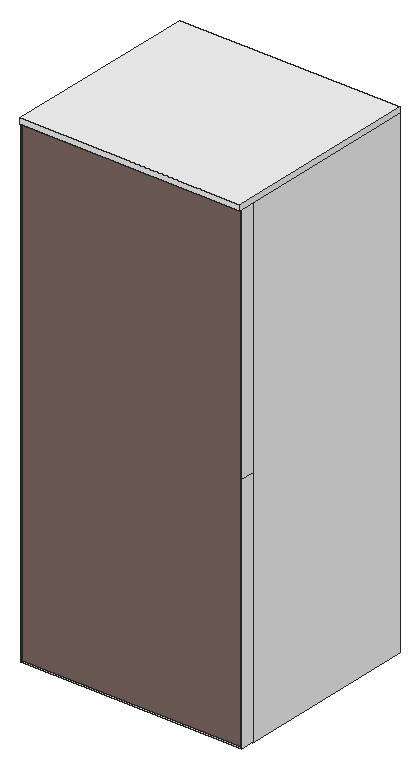
Revit family "bathroom vanity-hansgrohe-54212XXX-Xevolos E Mid-height cabinet Matt White 400_360, door hinge left", category Furniture, Revit 2019
Family settings
  OmniClass Number = 23.40.00.00
  OmniClass Title = Equipment and Furnishings
  Work Plane-Based = No
  Always vertical = Yes
  Cut with Voids When Loaded = No
  Shared = Yes
  Room Calculation Point = No
Parameters (values of type "54212730-MATT_WHITE-DARK_OAK-400")
  etim7_EC011381 = "EC011381"
  WEIGHT = "22.5"
  UNSPSC = "56 | Furniture and Furnishings"
  UNIFORMATII = "E2010 | Fixed Furnishings"
  UNICLASS_2015_CODE = "40_30_78_05"
  UNICLASS2015 = "Pr_40_30_78_05 | Bathroom furniture"
  SURFACE = "DARK_OAK"
  REGION = "Worldwide"
  PRODUCTURL = "https://pro.hansgrohe.com/articledetail--54212320"
  PERMALINK = "54212XXX"
  OMNICLASS = "23-21 19 15 33 13 | Residential Bathroom Specialty Casework"
  OBJECTTYPE = "Object (single object)"
  OBERFLAECHE = "MATT_WHITE"
  NN = "Mid-height cabinet, door hinge"
  NBSYN = "$ARTNR.-$OBERFLAECHE.-$SURFACE.-$LODLEVEL."
  NB = "54212730-MATT_WHITE-DARK_OAK-400"
  NAME = "Xevolos E Mid-height cabinet Matt White 400/360, door hinge left"
  Model = "54212730-MATT_WHITE-DARK_OAK-400"
  Manufacturer = "Hansgrohe"
  MIdent = "{$CADENAS_DATA/23d-libs/hansgrohe/xevolos_furniture/xevolos_mid-height_cabinet_door_hinge/mid-height_cabinet_door_hinge.prj},236 {VTYP=3D},{NB=54212730-MATT_WHITE-DARK_OAK-400},{LINA=54212730-MATT_WHITE-DARK_OAK-400},{NN=Mid-height cabinet, door hinge},{DATE=13.03.2023 11:42:53},{GEOMDATE=12.03.2023 06:48:00},{VERSION=},{LINEID=30},{WBVAR=LODLEVEL},{WBNUMERIC=}  {NB=54212730-MATT_WHITE-DARK_OAK-400},{LINA=54212730-MATT_WHITE-DARK_OAK-400},{KT=DUMMY},{IDNR=3},{ARTNR=54212730},{BASENUMBER=54212},{MODEL=54212XXX},{OBERFLAECHE=MATT_WHITE},{SURFACE=DARK_OAK},{L=400},{LODLEVEL=400},{LODLEVELX='400','400','200','200'},{NAME=Xevolos E Mid-height cabinet Matt White 400/360, door hinge left},{PERMALINK=54212XXX},{OBJECTTYPE=Object (single object)},{BIMOBJECT=Sanitary: Compound units},{COLLECTIONSET=Xevolos E},{COLLECTION=bathroom vanity},{WEIGHT=22.5},{DESCRIPTION=Xevolos E Mid-height cabinet Matt White 400/360, door hinge left},{PRODUCTURL=https://pro.hansgrohe.com/articledetail--54212320},{GTINCODE=0},{TENDERURL=0},{IFC=Furnishing element},{ETIM=EC011381 | Bathroom furniture set},{UNICLASS2015=Pr_40_30_78_05 | Bathroom furniture},{OMNICLASS=23-21 19 15 33 13 | Residential Bathroom Specialty Casework},{MASTERFORMAT=12 35 30.23 | Bathroom Casework},{UNSPSC=56 | Furniture and Furnishings},{UNIFORMATII=E2010 | Fixed Furnishings},{REGION=Worldwide},{DESIGN=Germany},{MANUFACTURER=Germany}"
  MASTERFORMAT = "12 35 30.23 | Bathroom Casework"
  LODLEVEL = "400"
  LINA = "54212730-MATT_WHITE-DARK_OAK-400"
  L = 400
  IFC = "Furnishing element"
  IDNR = 3
  ETIM = "EC011381 | Bathroom furniture set"
  DESIGN = "Germany"
  COLLECTIONSET = "Xevolos E"
  COLLECTION = "bathroom vanity"
  CATALOG = "Hansgrohe"
  BIMOBJECT = "Sanitary: Compound units"
  BASENUMBER = "54212"
  ARTNR = "54212730"
  54212730-MATT_WHITE-DARK_OAK-400_RX0RY0RZ0TX0TY0TZ0_V = yes
  54212730-MATT_WHITE-DARK_OAK-200_RX0RY0RZ0TX0TY0TZ0_V = no
  54212390-MATT_WHITE-PATTEREND_BRONZE-400_RX0RY0RZ0TX0TY0TZ0_V = no
  54212390-MATT_WHITE-PATTEREND_BRONZE-200_RX0RY0RZ0TX0TY0TZ0_V = no
  54212320-MATT_WHITE-METALLIC_WHITE-400_RX0RY0RZ0TX0TY0TZ0_V = no
  54212320-MATT_WHITE-METALLIC_WHITE-200_RX0RY0RZ0TX0TY0TZ0_V = no
Types (6, lengths in mm): name | SURFACE | NB | Model | MIdent | LODLEVEL | LINA | IDNR | ARTNR | 54212730-MATT_WHITE-DARK_OAK-400_RX0RY0RZ0TX0TY0TZ0_V | 54212730-MATT_WHITE-DARK_OAK-200_RX0RY0RZ0TX0TY0TZ0_V | 54212390-MATT_WHITE-PATTEREND_BRONZE-400_RX0RY0RZ0TX0TY0TZ0_V | 54212390-MATT_WHITE-PATTEREND_BRONZE-200_RX0RY0RZ0TX0TY0TZ0_V | 54212320-MATT_WHITE-METALLIC_WHITE-400_RX0RY0RZ0TX0TY0TZ0_V | 54212320-MATT_WHITE-METALLIC_WHITE-200_RX0RY0RZ0TX0TY0TZ0_V
  54212320-MATT_WHITE-METALLIC_WHITE-200 | "METALLIC_WHITE" | "54212320-MATT_WHITE-METALLIC_WHITE-200" | "54212320-MATT_WHITE-METALLIC_WHITE-200" | "{$CADENAS_DATA/23d-libs/hansgrohe/xevolos_furniture/xevolos_mid-height_cabinet_door_hinge/mid-height_cabinet_door_hinge.prj},248 {VTYP=3D},{NB=54212320-MATT_WHITE-METALLIC_WHITE-200},{LINA=54212320-MATT_WHITE-METALLIC_WHITE-200},{NN=Mid-height cabinet, door hinge},{DATE=13.03.2023 11:42:53},{GEOMDATE=12.03.2023 06:48:00},{VERSION=},{LINEID=10},{WBVAR=LODLEVEL},{WBNUMERIC=}  {NB=54212320-MATT_WHITE-METALLIC_WHITE-200},{LINA=54212320-MATT_WHITE-METALLIC_WHITE-200},{KT=DUMMY},{IDNR=1},{ARTNR=54212320},{BASENUMBER=54212},{MODEL=54212XXX},{OBERFLAECHE=MATT_WHITE},{SURFACE=METALLIC_WHITE},{L=400},{LODLEVEL=200},{LODLEVELX='400','400','200','200'},{NAME=Xevolos E Mid-height cabinet Matt White 400/360, door hinge left},{PERMALINK=54212XXX},{OBJECTTYPE=Object (single object)},{BIMOBJECT=Sanitary: Compound units},{COLLECTIONSET=Xevolos E},{COLLECTION=bathroom vanity},{WEIGHT=22.5},{DESCRIPTION=Xevolos E Mid-height cabinet Matt White 400/360, door hinge left},{PRODUCTURL=https://pro.hansgrohe.com/articledetail--54212320},{GTINCODE=0},{TENDERURL=0},{IFC=Furnishing element},{ETIM=EC011381 | Bathroom furniture set},{UNICLASS2015=Pr_40_30_78_05 | Bathroom furniture},{OMNICLASS=23-21 19 15 33 13 | Residential Bathroom Specialty Casework},{MASTERFORMAT=12 35 30.23 | Bathroom Casework},{UNSPSC=56 | Furniture and Furnishings},{UNIFORMATII=E2010 | Fixed Furnishings},{REGION=Worldwide},{DESIGN=Germany},{MANUFACTURER=Germany}" | "200" | "54212320-MATT_WHITE-METALLIC_WHITE-200" | 1 | "54212320" | no | no | no | no | no | yes
  54212320-MATT_WHITE-METALLIC_WHITE-400 | "METALLIC_WHITE" | "54212320-MATT_WHITE-METALLIC_WHITE-400" | "54212320-MATT_WHITE-METALLIC_WHITE-400" | "{$CADENAS_DATA/23d-libs/hansgrohe/xevolos_furniture/xevolos_mid-height_cabinet_door_hinge/mid-height_cabinet_door_hinge.prj},248 {VTYP=3D},{NB=54212320-MATT_WHITE-METALLIC_WHITE-400},{LINA=54212320-MATT_WHITE-METALLIC_WHITE-400},{NN=Mid-height cabinet, door hinge},{DATE=13.03.2023 11:42:53},{GEOMDATE=12.03.2023 06:48:00},{VERSION=},{LINEID=10},{WBVAR=LODLEVEL},{WBNUMERIC=}  {NB=54212320-MATT_WHITE-METALLIC_WHITE-400},{LINA=54212320-MATT_WHITE-METALLIC_WHITE-400},{KT=DUMMY},{IDNR=1},{ARTNR=54212320},{BASENUMBER=54212},{MODEL=54212XXX},{OBERFLAECHE=MATT_WHITE},{SURFACE=METALLIC_WHITE},{L=400},{LODLEVEL=400},{LODLEVELX='400','400','200','200'},{NAME=Xevolos E Mid-height cabinet Matt White 400/360, door hinge left},{PERMALINK=54212XXX},{OBJECTTYPE=Object (single object)},{BIMOBJECT=Sanitary: Compound units},{COLLECTIONSET=Xevolos E},{COLLECTION=bathroom vanity},{WEIGHT=22.5},{DESCRIPTION=Xevolos E Mid-height cabinet Matt White 400/360, door hinge left},{PRODUCTURL=https://pro.hansgrohe.com/articledetail--54212320},{GTINCODE=0},{TENDERURL=0},{IFC=Furnishing element},{ETIM=EC011381 | Bathroom furniture set},{UNICLASS2015=Pr_40_30_78_05 | Bathroom furniture},{OMNICLASS=23-21 19 15 33 13 | Residential Bathroom Specialty Casework},{MASTERFORMAT=12 35 30.23 | Bathroom Casework},{UNSPSC=56 | Furniture and Furnishings},{UNIFORMATII=E2010 | Fixed Furnishings},{REGION=Worldwide},{DESIGN=Germany},{MANUFACTURER=Germany}" | "400" | "54212320-MATT_WHITE-METALLIC_WHITE-400" | 1 | "54212320" | no | no | no | no | yes | no
  54212390-MATT_WHITE-PATTEREND_BRONZE-200 | "PATTEREND_BRONZE" | "54212390-MATT_WHITE-PATTEREND_BRONZE-200" | "54212390-MATT_WHITE-PATTEREND_BRONZE-200" | "{$CADENAS_DATA/23d-libs/hansgrohe/xevolos_furniture/xevolos_mid-height_cabinet_door_hinge/mid-height_cabinet_door_hinge.prj},252 {VTYP=3D},{NB=54212390-MATT_WHITE-PATTEREND_BRONZE-200},{LINA=54212390-MATT_WHITE-PATTEREND_BRONZE-200},{NN=Mid-height cabinet, door hinge},{DATE=13.03.2023 11:42:53},{GEOMDATE=12.03.2023 06:48:00},{VERSION=},{LINEID=20},{WBVAR=LODLEVEL},{WBNUMERIC=}  {NB=54212390-MATT_WHITE-PATTEREND_BRONZE-200},{LINA=54212390-MATT_WHITE-PATTEREND_BRONZE-200},{KT=DUMMY},{IDNR=2},{ARTNR=54212390},{BASENUMBER=54212},{MODEL=54212XXX},{OBERFLAECHE=MATT_WHITE},{SURFACE=PATTEREND_BRONZE},{L=400},{LODLEVEL=200},{LODLEVELX='400','400','200','200'},{NAME=Xevolos E Mid-height cabinet Matt White 400/360, door hinge left},{PERMALINK=54212XXX},{OBJECTTYPE=Object (single object)},{BIMOBJECT=Sanitary: Compound units},{COLLECTIONSET=Xevolos E},{COLLECTION=bathroom vanity},{WEIGHT=22.5},{DESCRIPTION=Xevolos E Mid-height cabinet Matt White 400/360, door hinge left},{PRODUCTURL=https://pro.hansgrohe.com/articledetail--54212320},{GTINCODE=0},{TENDERURL=0},{IFC=Furnishing element},{ETIM=EC011381 | Bathroom furniture set},{UNICLASS2015=Pr_40_30_78_05 | Bathroom furniture},{OMNICLASS=23-21 19 15 33 13 | Residential Bathroom Specialty Casework},{MASTERFORMAT=12 35 30.23 | Bathroom Casework},{UNSPSC=56 | Furniture and Furnishings},{UNIFORMATII=E2010 | Fixed Furnishings},{REGION=Worldwide},{DESIGN=Germany},{MANUFACTURER=Germany}" | "200" | "54212390-MATT_WHITE-PATTEREND_BRONZE-200" | 2 | "54212390" | no | no | no | yes | no | no
  54212390-MATT_WHITE-PATTEREND_BRONZE-400 | "PATTEREND_BRONZE" | "54212390-MATT_WHITE-PATTEREND_BRONZE-400" | "54212390-MATT_WHITE-PATTEREND_BRONZE-400" | "{$CADENAS_DATA/23d-libs/hansgrohe/xevolos_furniture/xevolos_mid-height_cabinet_door_hinge/mid-height_cabinet_door_hinge.prj},252 {VTYP=3D},{NB=54212390-MATT_WHITE-PATTEREND_BRONZE-400},{LINA=54212390-MATT_WHITE-PATTEREND_BRONZE-400},{NN=Mid-height cabinet, door hinge},{DATE=13.03.2023 11:42:53},{GEOMDATE=12.03.2023 06:48:00},{VERSION=},{LINEID=20},{WBVAR=LODLEVEL},{WBNUMERIC=}  {NB=54212390-MATT_WHITE-PATTEREND_BRONZE-400},{LINA=54212390-MATT_WHITE-PATTEREND_BRONZE-400},{KT=DUMMY},{IDNR=2},{ARTNR=54212390},{BASENUMBER=54212},{MODEL=54212XXX},{OBERFLAECHE=MATT_WHITE},{SURFACE=PATTEREND_BRONZE},{L=400},{LODLEVEL=400},{LODLEVELX='400','400','200','200'},{NAME=Xevolos E Mid-height cabinet Matt White 400/360, door hinge left},{PERMALINK=54212XXX},{OBJECTTYPE=Object (single object)},{BIMOBJECT=Sanitary: Compound units},{COLLECTIONSET=Xevolos E},{COLLECTION=bathroom vanity},{WEIGHT=22.5},{DESCRIPTION=Xevolos E Mid-height cabinet Matt White 400/360, door hinge left},{PRODUCTURL=https://pro.hansgrohe.com/articledetail--54212320},{GTINCODE=0},{TENDERURL=0},{IFC=Furnishing element},{ETIM=EC011381 | Bathroom furniture set},{UNICLASS2015=Pr_40_30_78_05 | Bathroom furniture},{OMNICLASS=23-21 19 15 33 13 | Residential Bathroom Specialty Casework},{MASTERFORMAT=12 35 30.23 | Bathroom Casework},{UNSPSC=56 | Furniture and Furnishings},{UNIFORMATII=E2010 | Fixed Furnishings},{REGION=Worldwide},{DESIGN=Germany},{MANUFACTURER=Germany}" | "400" | "54212390-MATT_WHITE-PATTEREND_BRONZE-400" | 2 | "54212390" | no | no | yes | no | no | no
  54212730-MATT_WHITE-DARK_OAK-200 | "DARK_OAK" | "54212730-MATT_WHITE-DARK_OAK-200" | "54212730-MATT_WHITE-DARK_OAK-200" | "{$CADENAS_DATA/23d-libs/hansgrohe/xevolos_furniture/xevolos_mid-height_cabinet_door_hinge/mid-height_cabinet_door_hinge.prj},236 {VTYP=3D},{NB=54212730-MATT_WHITE-DARK_OAK-200},{LINA=54212730-MATT_WHITE-DARK_OAK-200},{NN=Mid-height cabinet, door hinge},{DATE=13.03.2023 11:42:53},{GEOMDATE=12.03.2023 06:48:00},{VERSION=},{LINEID=30},{WBVAR=LODLEVEL},{WBNUMERIC=}  {NB=54212730-MATT_WHITE-DARK_OAK-200},{LINA=54212730-MATT_WHITE-DARK_OAK-200},{KT=DUMMY},{IDNR=3},{ARTNR=54212730},{BASENUMBER=54212},{MODEL=54212XXX},{OBERFLAECHE=MATT_WHITE},{SURFACE=DARK_OAK},{L=400},{LODLEVEL=200},{LODLEVELX='400','400','200','200'},{NAME=Xevolos E Mid-height cabinet Matt White 400/360, door hinge left},{PERMALINK=54212XXX},{OBJECTTYPE=Object (single object)},{BIMOBJECT=Sanitary: Compound units},{COLLECTIONSET=Xevolos E},{COLLECTION=bathroom vanity},{WEIGHT=22.5},{DESCRIPTION=Xevolos E Mid-height cabinet Matt White 400/360, door hinge left},{PRODUCTURL=https://pro.hansgrohe.com/articledetail--54212320},{GTINCODE=0},{TENDERURL=0},{IFC=Furnishing element},{ETIM=EC011381 | Bathroom furniture set},{UNICLASS2015=Pr_40_30_78_05 | Bathroom furniture},{OMNICLASS=23-21 19 15 33 13 | Residential Bathroom Specialty Casework},{MASTERFORMAT=12 35 30.23 | Bathroom Casework},{UNSPSC=56 | Furniture and Furnishings},{UNIFORMATII=E2010 | Fixed Furnishings},{REGION=Worldwide},{DESIGN=Germany},{MANUFACTURER=Germany}" | "200" | "54212730-MATT_WHITE-DARK_OAK-200" | 3 | "54212730" | no | yes | no | no | no | no
  54212730-MATT_WHITE-DARK_OAK-400 | "DARK_OAK" | "54212730-MATT_WHITE-DARK_OAK-400" | "54212730-MATT_WHITE-DARK_OAK-400" | "{$CADENAS_DATA/23d-libs/hansgrohe/xevolos_furniture/xevolos_mid-height_cabinet_door_hinge/mid-height_cabinet_door_hinge.prj},236 {VTYP=3D},{NB=54212730-MATT_WHITE-DARK_OAK-400},{LINA=54212730-MATT_WHITE-DARK_OAK-400},{NN=Mid-height cabinet, door hinge},{DATE=13.03.2023 11:42:53},{GEOMDATE=12.03.2023 06:48:00},{VERSION=},{LINEID=30},{WBVAR=LODLEVEL},{WBNUMERIC=}  {NB=54212730-MATT_WHITE-DARK_OAK-400},{LINA=54212730-MATT_WHITE-DARK_OAK-400},{KT=DUMMY},{IDNR=3},{ARTNR=54212730},{BASENUMBER=54212},{MODEL=54212XXX},{OBERFLAECHE=MATT_WHITE},{SURFACE=DARK_OAK},{L=400},{LODLEVEL=400},{LODLEVELX='400','400','200','200'},{NAME=Xevolos E Mid-height cabinet Matt White 400/360, door hinge left},{PERMALINK=54212XXX},{OBJECTTYPE=Object (single object)},{BIMOBJECT=Sanitary: Compound units},{COLLECTIONSET=Xevolos E},{COLLECTION=bathroom vanity},{WEIGHT=22.5},{DESCRIPTION=Xevolos E Mid-height cabinet Matt White 400/360, door hinge left},{PRODUCTURL=https://pro.hansgrohe.com/articledetail--54212320},{GTINCODE=0},{TENDERURL=0},{IFC=Furnishing element},{ETIM=EC011381 | Bathroom furniture set},{UNICLASS2015=Pr_40_30_78_05 | Bathroom furniture},{OMNICLASS=23-21 19 15 33 13 | Residential Bathroom Specialty Casework},{MASTERFORMAT=12 35 30.23 | Bathroom Casework},{UNSPSC=56 | Furniture and Furnishings},{UNIFORMATII=E2010 | Fixed Furnishings},{REGION=Worldwide},{DESIGN=Germany},{MANUFACTURER=Germany}" | "400" | "54212730-MATT_WHITE-DARK_OAK-400" | 3 | "54212730" | yes | no | no | no | no | no
Reference planes
  plane 1 "Center (Front/Back)": y = 0
  plane 2: z = 0
  plane 3 "Center (Left/Right)": x = 0
Dimensions and locks
  aligned and locked: level to plane 2
Nested families
  nested 1: "54212320-matt_white-metallic_white-200_content" at (0, 0, 0), visible <- "54212320-MATT_WHITE-METALLIC_WHITE-200_RX0RY0RZ0TX0TY0TZ0_V", ContentVisible <- "54212320-MATT_WHITE-METALLIC_WHITE-200_RX0RY0RZ0TX0TY0TZ0_V", type "54212320-MATT_WHITE-METALLIC_WHITE-200_Content"
    with ContentVisible no
  nested 2: "54212320-matt_white-metallic_white-400_content" at (0, 0, 0), visible <- "54212320-MATT_WHITE-METALLIC_WHITE-400_RX0RY0RZ0TX0TY0TZ0_V", ContentVisible <- "54212320-MATT_WHITE-METALLIC_WHITE-400_RX0RY0RZ0TX0TY0TZ0_V", type "54212320-MATT_WHITE-METALLIC_WHITE-400_Content"
    with ContentVisible no
  nested 3: "54212390-matt_white-patterend_bronze-200_content" at (0, 0, 0), visible <- "54212390-MATT_WHITE-PATTEREND_BRONZE-200_RX0RY0RZ0TX0TY0TZ0_V", ContentVisible <- "54212390-MATT_WHITE-PATTEREND_BRONZE-200_RX0RY0RZ0TX0TY0TZ0_V", type "54212390-MATT_WHITE-PATTEREND_BRONZE-200_Content"
    with ContentVisible no
  nested 4: "54212390-matt_white-patterend_bronze-400_content" at (0, 0, 0), visible <- "54212390-MATT_WHITE-PATTEREND_BRONZE-400_RX0RY0RZ0TX0TY0TZ0_V", ContentVisible <- "54212390-MATT_WHITE-PATTEREND_BRONZE-400_RX0RY0RZ0TX0TY0TZ0_V", type "54212390-MATT_WHITE-PATTEREND_BRONZE-400_Content"
    with ContentVisible no
  nested 5: "54212730-matt_white-dark_oak-200_content" at (0, 0, 0), visible <- "54212730-MATT_WHITE-DARK_OAK-200_RX0RY0RZ0TX0TY0TZ0_V", ContentVisible <- "54212730-MATT_WHITE-DARK_OAK-200_RX0RY0RZ0TX0TY0TZ0_V", type "54212730-MATT_WHITE-DARK_OAK-200_Content"
    with ContentVisible no
  nested 6: "54212730-matt_white-dark_oak-400_content" at (0, 0, 0), visible <- "54212730-MATT_WHITE-DARK_OAK-400_RX0RY0RZ0TX0TY0TZ0_V", ContentVisible <- "54212730-MATT_WHITE-DARK_OAK-400_RX0RY0RZ0TX0TY0TZ0_V", type "54212730-MATT_WHITE-DARK_OAK-400_Content"
    with ContentVisible yes
Definition of nested family "54212730-matt_white-dark_oak-400_content"
  Parameters (values of type "54212730-MATT_WHITE-DARK_OAK-400_Content")
    etim7_EC011381 = "EC011381"
    WEIGHT = "22.5"
    UNSPSC = "56 | Furniture and Furnishings"
    UNIFORMATII = "E2010 | Fixed Furnishings"
    UNICLASS_2015_CODE = "40_30_78_05"
    UNICLASS2015 = "Pr_40_30_78_05 | Bathroom furniture"
    SURFACE = "DARK_OAK"
    REGION = "Worldwide"
    PRODUCTURL = "https://pro.hansgrohe.com/articledetail--54212320"
    PERMALINK = "54212XXX"
    OMNICLASS = "23-21 19 15 33 13 | Residential Bathroom Specialty Casework"
    OBJECTTYPE = "Object (single object)"
    OBERFLAECHE = "MATT_WHITE"
    NN = "Mid-height cabinet, door hinge"
    NBSYN = "$ARTNR.-$OBERFLAECHE.-$SURFACE.-$LODLEVEL."
    NB = "54212730-MATT_WHITE-DARK_OAK-400"
    NAME = "Xevolos E Mid-height cabinet Matt White 400/360, door hinge left"
    Model = "54212730-MATT_WHITE-DARK_OAK-400"
    Manufacturer = "Hansgrohe"
    MASTERFORMAT = "12 35 30.23 | Bathroom Casework"
    LODLEVEL = "400"
    LINA = "54212730-MATT_WHITE-DARK_OAK-400"
    L = 400
    IFC = "Furnishing element"
    IDNR = 3
    ETIM = "EC011381 | Bathroom furniture set"
    Default Elevation = 1219.2 mm
    DESIGN = "Germany"
    ContentVisible [instance] = yes
    COLLECTIONSET = "Xevolos E"
    COLLECTION = "bathroom vanity"
    CATALOG = "Hansgrohe"
    BIMOBJECT = "Sanitary: Compound units"
    BASENUMBER = "54212"
    ARTNR = "54212730"
  Reference planes
    plane 1 "Center (Front/Back)": y = 0
    plane 2: z = 0
    plane 3 "Center (Left/Right)": x = 0
  Forms (mm)
    Extrusion 1, solid, visible <- "ContentVisible", detail levels medium+fine
      sketch origin (0, 0, 0) x (1, 0, 0) y (0, 1, 0)
        loop
          line (-200, 0) -> (-200, -334.5) -> (200, -334.5) -> (200, 0) -> (184, 0) -> (184, -16.8) -> (-184, -16.8) -> (-184, 0) -> (-200, 0)
      from 0 to 878
    Extrusion 2, solid, visible <- "ContentVisible", detail levels medium+fine
      sketch origin (0, -334.5, 0) x (1, 0, 0) y (0, 0, -1)
        loop
          line (-200, -2) -> (-200, -440) -> (-198, -440) -> (-198, -4) -> (198, -4) -> (198, -440) -> (200, -440) -> (200, -2) -> (-200, -2)
      from -24.75 to 0
    Extrusion 3, solid, visible <- "ContentVisible", detail levels medium+fine
      sketch origin (0, -334.5, 0) x (1, 0, 0) y (0, 0, -1)
        loop
          line (-200, -440) -> (-200, -878) -> (200, -878) -> (200, -440) -> (198, -440) -> (198, -876) -> (-198, -876) -> (-198, -440) -> (-200, -440)
      from -24.75 to 0
    Extrusion 4, solid, visible <- "ContentVisible", detail levels medium+fine
      sketch origin (0, -334.5, 0) x (1, 0, 0) y (0, 0, -1)
        loop
          line (-198, -4) -> (-198, -876) -> (198, -876) -> (198, -4) -> (-198, -4)
      from -24.75 to 0
    Extrusion 5, solid, visible <- "ContentVisible", detail levels medium+fine
      sketch origin (0, 0, 878) x (1, 0, 0) y (0, 1, 0)
        loop
          line (-200, -362) -> (200, -362) -> (200, 0) -> (-200, 0) -> (-200, -362)
      from 0 to 10
    Extrusion 6, solid, visible <- "ContentVisible", detail levels coarse
      sketch origin (0, -181, 0) x (1, 0, 0) y (0, 1, 0)
        loop
          line (-200, -181) -> (200, -181) -> (200, 181) -> (-200, 181) -> (-200, -181)
      from 0 to 888
  Dimensions and locks
    aligned and locked: level to plane 2
Definition of nested family "54212320-matt_white-metallic_white-200_content"
  Parameters (values of type "54212320-MATT_WHITE-METALLIC_WHITE-200_Content")
    etim7_EC011381 = "EC011381"
    WEIGHT = "22.5"
    UNSPSC = "56 | Furniture and Furnishings"
    UNIFORMATII = "E2010 | Fixed Furnishings"
    UNICLASS_2015_CODE = "40_30_78_05"
    UNICLASS2015 = "Pr_40_30_78_05 | Bathroom furniture"
    SURFACE = "METALLIC_WHITE"
    REGION = "Worldwide"
    PRODUCTURL = "https://pro.hansgrohe.com/articledetail--54212320"
    PERMALINK = "54212XXX"
    OMNICLASS = "23-21 19 15 33 13 | Residential Bathroom Specialty Casework"
    OBJECTTYPE = "Object (single object)"
    OBERFLAECHE = "MATT_WHITE"
    NN = "Mid-height cabinet, door hinge"
    NBSYN = "$ARTNR.-$OBERFLAECHE.-$SURFACE.-$LODLEVEL."
    NB = "54212320-MATT_WHITE-METALLIC_WHITE-200"
    NAME = "Xevolos E Mid-height cabinet Matt White 400/360, door hinge left"
    Model = "54212320-MATT_WHITE-METALLIC_WHITE-200"
    Manufacturer = "Hansgrohe"
    MASTERFORMAT = "12 35 30.23 | Bathroom Casework"
    LODLEVEL = "200"
    LINA = "54212320-MATT_WHITE-METALLIC_WHITE-200"
    L = 400
    IFC = "Furnishing element"
    IDNR = 1
    ETIM = "EC011381 | Bathroom furniture set"
    Default Elevation = 1219.2 mm
    DESIGN = "Germany"
    ContentVisible [instance] = yes
    COLLECTIONSET = "Xevolos E"
    COLLECTION = "bathroom vanity"
    CATALOG = "Hansgrohe"
    BIMOBJECT = "Sanitary: Compound units"
    BASENUMBER = "54212"
    ARTNR = "54212320"
  Reference planes
    plane 1 "Center (Front/Back)": y = 0
    plane 2: z = 0
    plane 3 "Center (Left/Right)": x = 0
  Forms (mm)
    Extrusion 1, solid, visible <- "ContentVisible", detail levels medium+fine
      sketch origin (0, 0, 0) x (1, 0, 0) y (0, 1, 0)
        loop
          line (-200, 0) -> (-200, -334.5) -> (200, -334.5) -> (200, 0) -> (-200, 0)
      from 0 to 878
    Extrusion 2, solid, visible <- "ContentVisible", detail levels medium+fine
      sketch origin (0, -334.5, 0) x (1, 0, 0) y (0, 0, -1)
        loop
          line (-200, -2) -> (-200, -440) -> (-198, -440) -> (-198, -4) -> (198, -4) -> (198, -440) -> (200, -440) -> (200, -2) -> (-200, -2)
      from -24.75 to 0
    Extrusion 3, solid, visible <- "ContentVisible", detail levels medium+fine
      sketch origin (0, -334.5, 0) x (1, 0, 0) y (0, 0, -1)
        loop
          line (-200, -440) -> (-200, -878) -> (200, -878) -> (200, -440) -> (198, -440) -> (198, -876) -> (-198, -876) -> (-198, -440) -> (-200, -440)
      from -24.75 to 0
    Extrusion 4, solid, visible <- "ContentVisible", detail levels medium+fine
      sketch origin (0, -334.5, 0) x (1, 0, 0) y (0, 0, -1)
        loop
          line (-198, -4) -> (-198, -876) -> (198, -876) -> (198, -4) -> (-198, -4)
      from -24.75 to 0
    Extrusion 5, solid, visible <- "ContentVisible", detail levels medium+fine
      sketch origin (0, 0, 878) x (1, 0, 0) y (0, 1, 0)
        loop
          line (-200, -362) -> (200, -362) -> (200, 0) -> (-200, 0) -> (-200, -362)
      from 0 to 10
    Extrusion 6, solid, visible <- "ContentVisible", detail levels coarse
      sketch origin (0, -181, 0) x (1, 0, 0) y (0, 1, 0)
        loop
          line (-200, -181) -> (200, -181) -> (200, 181) -> (-200, 181) -> (-200, -181)
      from 0 to 888
  Dimensions and locks
    aligned and locked: level to plane 2
Definition of nested family "54212320-matt_white-metallic_white-400_content"
  Parameters (values of type "54212320-MATT_WHITE-METALLIC_WHITE-400_Content")
    etim7_EC011381 = "EC011381"
    WEIGHT = "22.5"
    UNSPSC = "56 | Furniture and Furnishings"
    UNIFORMATII = "E2010 | Fixed Furnishings"
    UNICLASS_2015_CODE = "40_30_78_05"
    UNICLASS2015 = "Pr_40_30_78_05 | Bathroom furniture"
    SURFACE = "METALLIC_WHITE"
    REGION = "Worldwide"
    PRODUCTURL = "https://pro.hansgrohe.com/articledetail--54212320"
    PERMALINK = "54212XXX"
    OMNICLASS = "23-21 19 15 33 13 | Residential Bathroom Specialty Casework"
    OBJECTTYPE = "Object (single object)"
    OBERFLAECHE = "MATT_WHITE"
    NN = "Mid-height cabinet, door hinge"
    NBSYN = "$ARTNR.-$OBERFLAECHE.-$SURFACE.-$LODLEVEL."
    NB = "54212320-MATT_WHITE-METALLIC_WHITE-400"
    NAME = "Xevolos E Mid-height cabinet Matt White 400/360, door hinge left"
    Model = "54212320-MATT_WHITE-METALLIC_WHITE-400"
    Manufacturer = "Hansgrohe"
    MASTERFORMAT = "12 35 30.23 | Bathroom Casework"
    LODLEVEL = "400"
    LINA = "54212320-MATT_WHITE-METALLIC_WHITE-400"
    L = 400
    IFC = "Furnishing element"
    IDNR = 1
    ETIM = "EC011381 | Bathroom furniture set"
    Default Elevation = 1219.2 mm
    DESIGN = "Germany"
    ContentVisible [instance] = yes
    COLLECTIONSET = "Xevolos E"
    COLLECTION = "bathroom vanity"
    CATALOG = "Hansgrohe"
    BIMOBJECT = "Sanitary: Compound units"
    BASENUMBER = "54212"
    ARTNR = "54212320"
  Reference planes
    plane 1 "Center (Front/Back)": y = 0
    plane 2: z = 0
    plane 3 "Center (Left/Right)": x = 0
  Forms (mm)
    Extrusion 1, solid, visible <- "ContentVisible", detail levels medium+fine
      sketch origin (0, 0, 0) x (1, 0, 0) y (0, 1, 0)
        loop
          line (-200, 0) -> (-200, -334.5) -> (200, -334.5) -> (200, 0) -> (184, 0) -> (184, -16.8) -> (-184, -16.8) -> (-184, 0) -> (-200, 0)
      from 0 to 878
    Extrusion 2, solid, visible <- "ContentVisible", detail levels medium+fine
      sketch origin (0, -334.5, 0) x (1, 0, 0) y (0, 0, -1)
        loop
          line (-200, -2) -> (-200, -440) -> (-198, -440) -> (-198, -4) -> (198, -4) -> (198, -440) -> (200, -440) -> (200, -2) -> (-200, -2)
      from -24.75 to 0
    Extrusion 3, solid, visible <- "ContentVisible", detail levels medium+fine
      sketch origin (0, -334.5, 0) x (1, 0, 0) y (0, 0, -1)
        loop
          line (-200, -440) -> (-200, -878) -> (200, -878) -> (200, -440) -> (198, -440) -> (198, -876) -> (-198, -876) -> (-198, -440) -> (-200, -440)
      from -24.75 to 0
    Extrusion 4, solid, visible <- "ContentVisible", detail levels medium+fine
      sketch origin (0, -334.5, 0) x (1, 0, 0) y (0, 0, -1)
        loop
          line (-198, -4) -> (-198, -876) -> (198, -876) -> (198, -4) -> (-198, -4)
      from -24.75 to 0
    Extrusion 5, solid, visible <- "ContentVisible", detail levels medium+fine
      sketch origin (0, 0, 878) x (1, 0, 0) y (0, 1, 0)
        loop
          line (-200, -362) -> (200, -362) -> (200, 0) -> (-200, 0) -> (-200, -362)
      from 0 to 10
    Extrusion 6, solid, visible <- "ContentVisible", detail levels coarse
      sketch origin (0, -181, 0) x (1, 0, 0) y (0, 1, 0)
        loop
          line (-200, -181) -> (200, -181) -> (200, 181) -> (-200, 181) -> (-200, -181)
      from 0 to 888
  Dimensions and locks
    aligned and locked: level to plane 2
Definition of nested family "54212390-matt_white-patterend_bronze-200_content"
  Parameters (values of type "54212390-MATT_WHITE-PATTEREND_BRONZE-200_Content")
    etim7_EC011381 = "EC011381"
    WEIGHT = "22.5"
    UNSPSC = "56 | Furniture and Furnishings"
    UNIFORMATII = "E2010 | Fixed Furnishings"
    UNICLASS_2015_CODE = "40_30_78_05"
    UNICLASS2015 = "Pr_40_30_78_05 | Bathroom furniture"
    SURFACE = "PATTEREND_BRONZE"
    REGION = "Worldwide"
    PRODUCTURL = "https://pro.hansgrohe.com/articledetail--54212320"
    PERMALINK = "54212XXX"
    OMNICLASS = "23-21 19 15 33 13 | Residential Bathroom Specialty Casework"
    OBJECTTYPE = "Object (single object)"
    OBERFLAECHE = "MATT_WHITE"
    NN = "Mid-height cabinet, door hinge"
    NBSYN = "$ARTNR.-$OBERFLAECHE.-$SURFACE.-$LODLEVEL."
    NB = "54212390-MATT_WHITE-PATTEREND_BRONZE-200"
    NAME = "Xevolos E Mid-height cabinet Matt White 400/360, door hinge left"
    Model = "54212390-MATT_WHITE-PATTEREND_BRONZE-200"
    Manufacturer = "Hansgrohe"
    MASTERFORMAT = "12 35 30.23 | Bathroom Casework"
    LODLEVEL = "200"
    LINA = "54212390-MATT_WHITE-PATTEREND_BRONZE-200"
    L = 400
    IFC = "Furnishing element"
    IDNR = 2
    ETIM = "EC011381 | Bathroom furniture set"
    Default Elevation = 1219.2 mm
    DESIGN = "Germany"
    ContentVisible [instance] = yes
    COLLECTIONSET = "Xevolos E"
    COLLECTION = "bathroom vanity"
    CATALOG = "Hansgrohe"
    BIMOBJECT = "Sanitary: Compound units"
    BASENUMBER = "54212"
    ARTNR = "54212390"
  Reference planes
    plane 1 "Center (Front/Back)": y = 0
    plane 2: z = 0
    plane 3 "Center (Left/Right)": x = 0
  Forms (mm)
    Extrusion 1, solid, visible <- "ContentVisible", detail levels medium+fine
      sketch origin (0, 0, 0) x (1, 0, 0) y (0, 1, 0)
        loop
          line (-200, 0) -> (-200, -334.5) -> (200, -334.5) -> (200, 0) -> (-200, 0)
      from 0 to 878
    Extrusion 2, solid, visible <- "ContentVisible", detail levels medium+fine
      sketch origin (0, -334.5, 0) x (1, 0, 0) y (0, 0, -1)
        loop
          line (-200, -2) -> (-200, -440) -> (-198, -440) -> (-198, -4) -> (198, -4) -> (198, -440) -> (200, -440) -> (200, -2) -> (-200, -2)
      from -24.75 to 0
    Extrusion 3, solid, visible <- "ContentVisible", detail levels medium+fine
      sketch origin (0, -334.5, 0) x (1, 0, 0) y (0, 0, -1)
        loop
          line (-200, -440) -> (-200, -878) -> (200, -878) -> (200, -440) -> (198, -440) -> (198, -876) -> (-198, -876) -> (-198, -440) -> (-200, -440)
      from -24.75 to 0
    Extrusion 4, solid, visible <- "ContentVisible", detail levels medium+fine
      sketch origin (0, -334.5, 0) x (1, 0, 0) y (0, 0, -1)
        loop
          line (-198, -4) -> (-198, -876) -> (198, -876) -> (198, -4) -> (-198, -4)
      from -24.75 to 0
    Extrusion 5, solid, visible <- "ContentVisible", detail levels medium+fine
      sketch origin (0, 0, 878) x (1, 0, 0) y (0, 1, 0)
        loop
          line (-200, -362) -> (200, -362) -> (200, 0) -> (-200, 0) -> (-200, -362)
      from 0 to 10
    Extrusion 6, solid, visible <- "ContentVisible", detail levels coarse
      sketch origin (0, -181, 0) x (1, 0, 0) y (0, 1, 0)
        loop
          line (-200, -181) -> (200, -181) -> (200, 181) -> (-200, 181) -> (-200, -181)
      from 0 to 888
  Dimensions and locks
    aligned and locked: level to plane 2
Definition of nested family "54212390-matt_white-patterend_bronze-400_content"
  Parameters (values of type "54212390-MATT_WHITE-PATTEREND_BRONZE-400_Content")
    etim7_EC011381 = "EC011381"
    WEIGHT = "22.5"
    UNSPSC = "56 | Furniture and Furnishings"
    UNIFORMATII = "E2010 | Fixed Furnishings"
    UNICLASS_2015_CODE = "40_30_78_05"
    UNICLASS2015 = "Pr_40_30_78_05 | Bathroom furniture"
    SURFACE = "PATTEREND_BRONZE"
    REGION = "Worldwide"
    PRODUCTURL = "https://pro.hansgrohe.com/articledetail--54212320"
    PERMALINK = "54212XXX"
    OMNICLASS = "23-21 19 15 33 13 | Residential Bathroom Specialty Casework"
    OBJECTTYPE = "Object (single object)"
    OBERFLAECHE = "MATT_WHITE"
    NN = "Mid-height cabinet, door hinge"
    NBSYN = "$ARTNR.-$OBERFLAECHE.-$SURFACE.-$LODLEVEL."
    NB = "54212390-MATT_WHITE-PATTEREND_BRONZE-400"
    NAME = "Xevolos E Mid-height cabinet Matt White 400/360, door hinge left"
    Model = "54212390-MATT_WHITE-PATTEREND_BRONZE-400"
    Manufacturer = "Hansgrohe"
    MASTERFORMAT = "12 35 30.23 | Bathroom Casework"
    LODLEVEL = "400"
    LINA = "54212390-MATT_WHITE-PATTEREND_BRONZE-400"
    L = 400
    IFC = "Furnishing element"
    IDNR = 2
    ETIM = "EC011381 | Bathroom furniture set"
    Default Elevation = 1219.2 mm
    DESIGN = "Germany"
    ContentVisible [instance] = yes
    COLLECTIONSET = "Xevolos E"
    COLLECTION = "bathroom vanity"
    CATALOG = "Hansgrohe"
    BIMOBJECT = "Sanitary: Compound units"
    BASENUMBER = "54212"
    ARTNR = "54212390"
  Reference planes
    plane 1 "Center (Front/Back)": y = 0
    plane 2: z = 0
    plane 3 "Center (Left/Right)": x = 0
  Forms (mm)
    Extrusion 1, solid, visible <- "ContentVisible", detail levels medium+fine
      sketch origin (0, 0, 0) x (1, 0, 0) y (0, 1, 0)
        loop
          line (-200, 0) -> (-200, -334.5) -> (200, -334.5) -> (200, 0) -> (184, 0) -> (184, -16.8) -> (-184, -16.8) -> (-184, 0) -> (-200, 0)
      from 0 to 878
    Extrusion 2, solid, visible <- "ContentVisible", detail levels medium+fine
      sketch origin (0, -334.5, 0) x (1, 0, 0) y (0, 0, -1)
        loop
          line (-200, -2) -> (-200, -440) -> (-198, -440) -> (-198, -4) -> (198, -4) -> (198, -440) -> (200, -440) -> (200, -2) -> (-200, -2)
      from -24.75 to 0
    Extrusion 3, solid, visible <- "ContentVisible", detail levels medium+fine
      sketch origin (0, -334.5, 0) x (1, 0, 0) y (0, 0, -1)
        loop
          line (-200, -440) -> (-200, -878) -> (200, -878) -> (200, -440) -> (198, -440) -> (198, -876) -> (-198, -876) -> (-198, -440) -> (-200, -440)
      from -24.75 to 0
    Extrusion 4, solid, visible <- "ContentVisible", detail levels medium+fine
      sketch origin (0, -334.5, 0) x (1, 0, 0) y (0, 0, -1)
        loop
          line (-198, -4) -> (-198, -876) -> (198, -876) -> (198, -4) -> (-198, -4)
      from -24.75 to 0
    Extrusion 5, solid, visible <- "ContentVisible", detail levels medium+fine
      sketch origin (0, 0, 878) x (1, 0, 0) y (0, 1, 0)
        loop
          line (-200, -362) -> (200, -362) -> (200, 0) -> (-200, 0) -> (-200, -362)
      from 0 to 10
    Extrusion 6, solid, visible <- "ContentVisible", detail levels coarse
      sketch origin (0, -181, 0) x (1, 0, 0) y (0, 1, 0)
        loop
          line (-200, -181) -> (200, -181) -> (200, 181) -> (-200, 181) -> (-200, -181)
      from 0 to 888
  Dimensions and locks
    aligned and locked: level to plane 2
Definition of nested family "54212730-matt_white-dark_oak-200_content"
  Parameters (values of type "54212730-MATT_WHITE-DARK_OAK-200_Content")
    etim7_EC011381 = "EC011381"
    WEIGHT = "22.5"
    UNSPSC = "56 | Furniture and Furnishings"
    UNIFORMATII = "E2010 | Fixed Furnishings"
    UNICLASS_2015_CODE = "40_30_78_05"
    UNICLASS2015 = "Pr_40_30_78_05 | Bathroom furniture"
    SURFACE = "DARK_OAK"
    REGION = "Worldwide"
    PRODUCTURL = "https://pro.hansgrohe.com/articledetail--54212320"
    PERMALINK = "54212XXX"
    OMNICLASS = "23-21 19 15 33 13 | Residential Bathroom Specialty Casework"
    OBJECTTYPE = "Object (single object)"
    OBERFLAECHE = "MATT_WHITE"
    NN = "Mid-height cabinet, door hinge"
    NBSYN = "$ARTNR.-$OBERFLAECHE.-$SURFACE.-$LODLEVEL."
    NB = "54212730-MATT_WHITE-DARK_OAK-200"
    NAME = "Xevolos E Mid-height cabinet Matt White 400/360, door hinge left"
    Model = "54212730-MATT_WHITE-DARK_OAK-200"
    Manufacturer = "Hansgrohe"
    MASTERFORMAT = "12 35 30.23 | Bathroom Casework"
    LODLEVEL = "200"
    LINA = "54212730-MATT_WHITE-DARK_OAK-200"
    L = 400
    IFC = "Furnishing element"
    IDNR = 3
    ETIM = "EC011381 | Bathroom furniture set"
    Default Elevation = 1219.2 mm
    DESIGN = "Germany"
    ContentVisible [instance] = yes
    COLLECTIONSET = "Xevolos E"
    COLLECTION = "bathroom vanity"
    CATALOG = "Hansgrohe"
    BIMOBJECT = "Sanitary: Compound units"
    BASENUMBER = "54212"
    ARTNR = "54212730"
  Reference planes
    plane 1 "Center (Front/Back)": y = 0
    plane 2: z = 0
    plane 3 "Center (Left/Right)": x = 0
  Forms (mm)
    Extrusion 1, solid, visible <- "ContentVisible", detail levels medium+fine
      sketch origin (0, 0, 0) x (1, 0, 0) y (0, 1, 0)
        loop
          line (-200, 0) -> (-200, -334.5) -> (200, -334.5) -> (200, 0) -> (-200, 0)
      from 0 to 878
    Extrusion 2, solid, visible <- "ContentVisible", detail levels medium+fine
      sketch origin (0, -334.5, 0) x (1, 0, 0) y (0, 0, -1)
        loop
          line (-200, -2) -> (-200, -440) -> (-198, -440) -> (-198, -4) -> (198, -4) -> (198, -440) -> (200, -440) -> (200, -2) -> (-200, -2)
      from -24.75 to 0
    Extrusion 3, solid, visible <- "ContentVisible", detail levels medium+fine
      sketch origin (0, -334.5, 0) x (1, 0, 0) y (0, 0, -1)
        loop
          line (-200, -440) -> (-200, -878) -> (200, -878) -> (200, -440) -> (198, -440) -> (198, -876) -> (-198, -876) -> (-198, -440) -> (-200, -440)
      from -24.75 to 0
    Extrusion 4, solid, visible <- "ContentVisible", detail levels medium+fine
      sketch origin (0, -334.5, 0) x (1, 0, 0) y (0, 0, -1)
        loop
          line (-198, -4) -> (-198, -876) -> (198, -876) -> (198, -4) -> (-198, -4)
      from -24.75 to 0
    Extrusion 5, solid, visible <- "ContentVisible", detail levels medium+fine
      sketch origin (0, 0, 878) x (1, 0, 0) y (0, 1, 0)
        loop
          line (-200, -362) -> (200, -362) -> (200, 0) -> (-200, 0) -> (-200, -362)
      from 0 to 10
    Extrusion 6, solid, visible <- "ContentVisible", detail levels coarse
      sketch origin (0, -181, 0) x (1, 0, 0) y (0, 1, 0)
        loop
          line (-200, -181) -> (200, -181) -> (200, 181) -> (-200, 181) -> (-200, -181)
      from 0 to 888
  Dimensions and locks
    aligned and locked: level to plane 2
